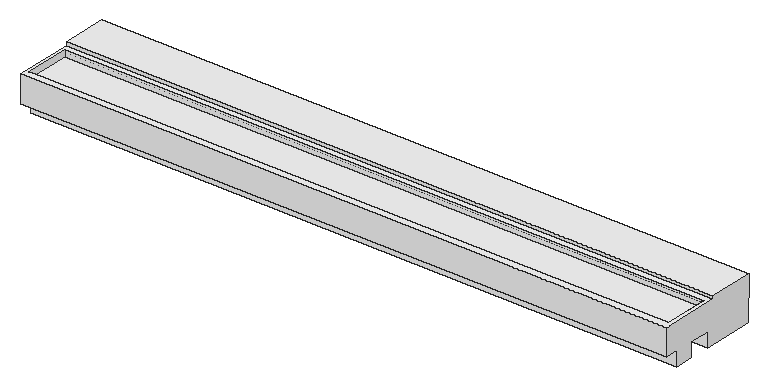
Revit family "17L-CC", category Lighting Fixtures, host Face, Revit 2021
Family settings
  Host = Face
  Round Connector Dimension = Use Diameter
  Part Type = Normal
  OmniClass Number = 23.80.70.11.14.17
  OmniClass Title = Direct/Indirect
  Cut with Voids When Loaded = No
  Light Source = Yes
  Shared = Yes
  Room Calculation Point = No
Parameters (values of type "17L-CC-02")
  zz Length 1 = 24.063"
  Wattage = 4 W
  Warranty = "5 years warranty"  # constant formula
  built-in parameter 1150110 = 1 (stored number, unit not read)
  Type Comments = "Lighting Fixture"  # constant formula
  built-in parameter 1114217 = 1 (stored number, unit not read)
  Tilt Angle = 90.00°
  built-in parameter 1150109 = 1 (stored number, unit not read)
  built-in parameter 1150134 = (empty or 0)
  built-in parameter 1150113 = 1 (stored number, unit not read)
  Power Factor = 1
  Photometric Web File = "17L-CC-AI-02-C1-35K-I030.IES"
  Photometric Notes = "More IES files download on Photometric Link"  # constant formula
  Mounting = "Armstrong Axiom Cove Ceiling"  # constant formula
  Voltage = 120 V
  Wattage Comments = "133 Lumens/Watt"  # constant formula
  URL = "https://www.currentlighting.com/litecontrol"
  Product Page URL = ""
  Product Documentation Link = ""
  Nominal Watts = 4 W
  Model = "17L-CC"  # constant formula
  Manufacturer = "Litecontrol"  # constant formula
  built-in parameter 1150105 = 23.873 (stored number, unit not read)
  Lumens = 300 lm
  built-in parameter 1150115 = 1 (stored number, unit not read)
  Load Classification = Lighting
  built-in parameter 1150137 = (empty or 0)
  built-in parameter 1150139 = (empty or 0)
  built-in parameter 1150112 = 1 (stored number, unit not read)
  built-in parameter 1150114 = 1 (stored number, unit not read)
  Lamp = "LED"  # constant formula
  built-in parameter 1150132 = (empty or 0)
  built-in parameter 1150102 = (empty or 0)
  built-in parameter 1150107 = 3500 (stored number, unit not read)
  built-in parameter 1150138 = (empty or 0)
  built-in parameter 1150106 = 0.23873 (stored number, unit not read)
  Glass = White Glass
  Emit from Rectangle Width = zz Length 1 - 0.250"  # 23.813"
  Emit from Rectangle Length = 1.500"  # constant formula
  Emit Shape Visible in Rendering = no
  built-in parameter 1150104 = 6.9677 (stored number, unit not read)
  Dimming Lamp Color Temperature Shift = <None>
  Description = "Indirect Light Coves by Armstrong"  # constant formula
  Default Elevation = 48.000"
  Copyright = "Copyright ©  Litecontrol"  # constant formula
  Contact Us = ""
  Color Filter = 16777215
  Circuiting = "1 Circuit"  # constant formula
  built-in parameter 1114218 = 1 (stored number, unit not read)
  Backbox = Paint - Matte White
  built-in parameter 1150133 = 10 (stored number, unit not read)
  Assembly Code = "D5020200"
  Apparent Load = Nominal Watts / Power Factor  # 4 VA
Types (4): name | zz Length 1 | Emit from Rectangle Width
  (no name) | 24.063" | 23.813"
  17L-CC-02 | 24.063" | 23.813"
  17L-CC-03 | 36.000" | 35.750"
  17L-CC-04 | 48.000" | 47.750"
Reference planes (in)
  plane 1 "Center (Front/Back)": y = 0.03999
  plane 2: z = 0
  plane 3 "Center (Left/Right)": x = 1.66944
Dimensions and locks (in)
  aligned and locked: plane 2 to host face
  aligned and locked: level to host face
  aligned and locked: nested 1 to plane 3 "Center (Left/Right)"
  aligned and locked: nested 1 to plane 1 "Center (Front/Back)"
Nested families (in)
  nested 1: "17L-CC-Housing" at (-0.37823, 0.07998, 0) x (-1, 0, 0) z (0, 0, 1), Glass <- "Glass", Backbox <- "Backbox", Row Length <- "zz Length 1", type "17L-CC-Housing"
    with Row Length 24.063", Glass White Glass, Backbox Paint - Matte White
Connectors (in)
  electrical at (1.66944, 0.99249, 0), driven by "Load Classification", driven by "Voltage", driven by "Apparent Load", driven by "Power Factor"
    settings: on nested 1, index 1, voltage 120 V, apparent load 4 VA, apparent load phase1 0 VA, apparent load phase2 0 VA, apparent load phase3 0 VA, power factor 1, load classification "Lighting", number of poles 1, system type 30, power factor state 1, is connector primary yes, connector utility no, sub classification motor no, connector description "Electrical Connector"
Definition of nested family "17L-CC-Housing"
  Parameters
    Wattage Comments = ""
    URL = ""
    Row Length [instance] = 48.000"
    Model = ""
    Manufacturer = ""
    Lamp = ""
    Glass [instance] = none
    Description = ""
    Default Elevation = 48.000"
    Backbox [instance] = none
  Reference planes (in)
    plane 1 "Center (Front/Back)": y = 0.03999
    plane 2: z = 0
    plane 3 "Center (Left/Right)": x = -2.04767
    plane 4: x = -26.04767
    plane 5: x = 21.95233
    plane 6: x = -25.92267
    plane 7: x = 21.82733
    plane 8: z = 1.64
    plane 9: z = 1.52
    plane 10: y = 1.94499
    plane 11: y = -1.86501
    plane 12: y = 1.69499
    plane 13: y = -0.21001
    plane 14: z = 1.28582
    plane 15: through (0, 1.69499, 1.40291) normal (0, 0.0349, 0.9994)
  Forms (in)
    Extrusion 1, solid
      sketch origin (0, 0, 0.06357) x (1, 0, 0) y (0, 1, 0)
        loop
          line (-48, 48) -> (-48, -48) -> (48, -48) -> (48, 48) -> (-48, 48)
      from -0.06357 to -17.74365
    Extrusion 2, solid, material <- "Backbox"
      sketch origin (-2.04767, 0, 0) x (0, 1, 0) y (0, 0, 1)
        loop
          line (1.94499, 1.52) -> (-0.21001, 1.52) -> (-0.21001, 1.64) -> (-1.86501, 1.64) -> (-1.86501, 0) -> (0.03999, 0) -> (0.03999, 0.53549) -> (0.80953, 0.53549) -> (0.80953, 0) -> (1.44499, 0) -> (1.44499, 0.53549) -> (1.94499, 0.53549) -> (1.94499, 1.52)
      from -24 to 24
    Extrusion 3, void
      sketch origin (0, 0, 0) x (1, 0, 0) y (0, 1, 0)
        loop
          line (-25.92267, 1.69499) -> (-25.92267, 0.03999) -> (21.82733, 0.03999) -> (21.82733, 1.69499) -> (-25.92267, 1.69499)
      from 1.28582 to 1.64
    Extrusion 4, solid, material <- "Glass"
      sketch origin (-2.04767, 0, 0) x (0, 1, 0) y (0, 0, 1)
        loop
          line (1.69709, 1.40284) -> (1.69709, 1.46287) -> (0.03999, 1.52074) -> (0.03999, 1.4607) -> (1.69709, 1.40284)
      from -23.875 to 23.875
  Cuts and joins
    Extrusion 3 cuts Extrusion 2
  Dimensions and locks (in)
    equal spacing: plane 5, plane 3 "Center (Left/Right)", plane 4
    locked: plane 6 to plane 4 at 0.125
    "Row Length": plane 5 to plane 4
    equal spacing: plane 7, plane 3 "Center (Left/Right)", plane 6
    plane 8 to plane 2 = 1.640"
    plane 9 to plane 2 = 1.520"
    equal spacing: plane 10, plane 1 "Center (Front/Back)", plane 11, locked at 1.905 each
    locked: plane 10 to plane 11 at 3.81
    locked: plane 12 to plane 10 at 0.25
    locked: plane 1 "Center (Front/Back)" to plane 13 at 0.25
    aligned and locked: plane 2 to Extrusion 1
    aligned and locked: plane 10 to Extrusion 2 sketch curve
    aligned and locked: Extrusion 2 sketch curve to plane 11
    aligned and locked: Extrusion 2 sketch curve to plane 8
    aligned and locked: Extrusion 2 sketch curve to plane 9
    aligned and locked: plane 2 to Extrusion 2 sketch curve
    aligned and locked: plane 1 "Center (Front/Back)" to Extrusion 2 sketch curve
    aligned and locked: Extrusion 2 to plane 4
    aligned and locked: plane 5 to Extrusion 2
    aligned and locked: plane 13 to Extrusion 2 sketch curve
    aligned and locked: plane 12 to Extrusion 3 sketch curve
    aligned and locked: plane 6 to Extrusion 3 sketch curve
    aligned and locked: Extrusion 3 sketch curve to plane 1 "Center (Front/Back)"
    aligned and locked: Extrusion 3 sketch curve to plane 7
    aligned and locked: plane 8 to Extrusion 3
    aligned and locked: plane 14 to cut or joined group of Extrusion 2, Extrusion 3
    aligned and locked: plane 7 to Extrusion 4
    aligned and locked: Extrusion 4 to plane 6
  Automatic sketch dimensions
    Extrusion 1 sketch curve to Extrusion 1 sketch curve = 96.000"  (x2)
    Extrusion 2 sketch curve to level = 0.000"
    plane 10 to Extrusion 2 sketch curve = 0.500"
    Extrusion 2 sketch curve to Extrusion 2 sketch curve = 0.63547"
    Extrusion 2 sketch curve to Extrusion 2 sketch curve = 0.000"
    Extrusion 2 sketch curve to Extrusion 2 sketch curve = 0.53549"
    Extrusion 4 sketch curve to plane 1 "Center (Front/Back)" = 0.000"
    Extrusion 4 sketch curve to plane 12 = 0.00209"
    Extrusion 4 sketch curve to plane 15 = 0.000"  (x2)
    plane 9 to Extrusion 4 sketch curve = 0.00074"
    Extrusion 4 sketch curve to plane 9 = 0.05713"
